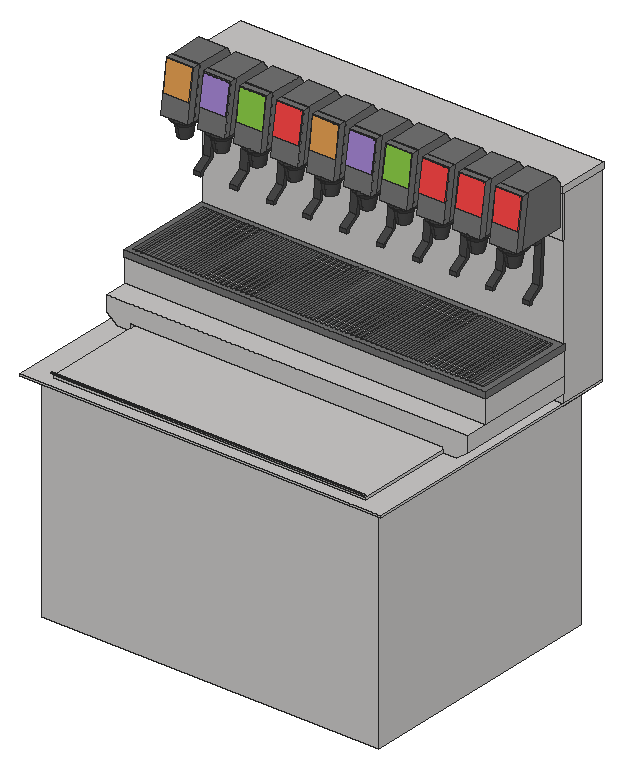
Revit family "QF_LANCER_ICD 23300", category Specialty Equipment, Revit 2012 (continued)
Nested families (in)
  nested 4: "ICD 2200" at (6.27642, -4.125, 31.25), type "ICD 2200"
    with Logo QF_Finishes_Pantone
  nested 5: "ICD 2200" at (12.35528, -4.125, 31.25), type "ICD 2200"
    with Logo QF_Finishes_Orange
  nested 6: "ICD 2200" at (15.39472, -4.125, 31.25), type "ICD 2200"
    with Logo QF_Finishes_Violet
  nested 7: "ICD 2200" at (9.31585, -4.125, 31.25), type "ICD 2200"
    with Logo QF_Finishes_Red
  nested 8: "ICD 2200" at (21.47358, -4.125, 31.25), type "ICD 2200"
    with Logo QF_Finishes_Red
  nested 9: "ICD 2200" at (27.55244, -4.125, 31.25), type "ICD 2200"
    with Logo QF_Finishes_Red
  nested 10: "ICD 2200" at (24.51301, -4.125, 31.25), type "ICD 2200"
    with Logo QF_Finishes_Red
Connectors (in)
  electrical at (15, -1, 2.16687), driven by "Volts", driven by "Watts"
    settings: on Extrusion 12, index 1, voltage 115 V, apparent load 0 VA, apparent load phase1 0 VA, apparent load phase2 0 VA, apparent load phase3 0 VA, power factor 1, load classification "Other", number of poles 1, system type 30, power factor state 1, is connector primary yes, connector utility no, sub classification motor no, connector description "ELECTRICAL CONNECTION"
  piping at (15, -1, 4.66687)
    settings: on Extrusion 12, index 2, connector radius 0.188", flow factor 0, pipe flow 0 GPM, pressure drop 0.00 psi, fitting loss kfactor 0, connector angle 0.00°, fixture units 0, engagement length 0.000", flow configuration 1, flow direction 1, fitting loss method 0, system type 7, joint type 0, gender type 0, connector reference index -1, connector utility 0, adjustable connector no, is connector primary yes, fitting loss table "", connector description "WATER INLET"
  piping at (15, -8.04747, 20.125)
    settings: on Extrusion 5, index 3, connector radius 3/8", flow factor 0, pipe flow 0 GPM, pressure drop 0.00 psi, fitting loss kfactor 0, connector angle 0.00°, fixture units 0, engagement length 0.000", flow configuration 1, flow direction 2, fitting loss method 0, system type 16, joint type 0, gender type 0, connector reference index -1, connector utility 0, adjustable connector no, is connector primary no, fitting loss table "", connector description "DRAIN"
Definition of nested family "ICD 2200"
  Parameters (values of type "ICD 2200")
    URL = ""
    Model = ""
    Manufacturer = ""
    Logo [instance] = QF_Finishes_Yellow Green
    Description = ""
  Reference planes (in)
    plane 1 "BACK": y = 0
    plane 2: z = 0
    plane 3 "LEFT": x = 0
    plane 4 "RIGHT": x = 2.25
    plane 5 "FRONT": y = -4.5
    plane 6 "TOP": z = 4
    plane 7 "Center Y": x = 1.125
    plane 8 "Center X": y = -2.25
  Forms (in)
    Extrusion 1, solid, material "QF_Finishes_White", not visible
      sketch origin (17.41924, -33.25075, -0.22915) x (1, 0, 0) y (0, 0.81211, 0.583505)
        loop
          line (-12.49146, 21.46818) -> (-12.55278, 21.29971) -> (-12.47904, 21.22597) -> (-12.90854, 20.17785)
          arc (-12.90854, 20.17785) -> (-12.93709, 20.14286) -> (-12.9803, 20.1297) r 0.07755
          line (-12.9803, 20.1297) -> (-13.05646, 20.1297) -> (-13.13865, 19.91561) -> (-12.13809, 19.91561) -> (-11.92261, 20.47696) -> (-12.14847, 20.47696) -> (-12.21933, 20.29236)
          arc (-12.21933, 20.29236) -> (-12.31241, 20.17429) -> (-12.456, 20.1297) r 0.2535
          line (-12.456, 20.1297) -> (-12.60114, 20.1297) -> (-12.18376, 21.21702) -> (-12.0461, 21.26713) -> (-11.97292, 21.46818) -> (-12.49146, 21.46818)
        loop
          line (-11.54232, 19.91561) -> (-11.46202, 20.12855) -> (-11.57594, 20.12855) -> (-11.30823, 20.52545) -> (-11.04405, 20.52545) -> (-11.04405, 20.2135)
          arc (-11.04405, 20.2135) -> (-11.06927, 20.15262) -> (-11.13015, 20.12741) r 0.0861
          line (-11.13015, 20.12741) -> (-11.19695, 20.12741) -> (-11.2537, 19.91561) -> (-10.36841, 19.91561) -> (-10.31318, 20.12171)
          arc (-10.31318, 20.12171) -> (-10.37318, 20.13487) -> (-10.38582, 20.19498) r 0.05658
          line (-10.38582, 20.19498) -> (-10.09293, 20.95801) -> (-9.9005, 19.74306) -> (-9.34655, 21.18615)
          arc (-9.34655, 21.18615) -> (-9.29661, 21.24346) -> (-9.22148, 21.25508) r 0.11077
          line (-9.22148, 21.25508) -> (-9.14608, 21.45152) -> (-9.60274, 21.45152) -> (-9.67356, 21.26702) -> (-9.57006, 21.22729) -> (-9.77199, 20.70125) -> (-9.89082, 21.45152) -> (-10.22973, 21.45152) -> (-10.29457, 21.26241) -> (-10.22202, 21.22702) -> (-10.59904, 20.19115)
          arc (-10.59904, 20.19115) -> (-10.71712, 20.12435) -> (-10.80157, 20.23052) r 0.10444
          line (-10.80157, 20.23052) -> (-10.75093, 21.68059) -> (-11.77573, 20.19742)
          arc (-11.77573, 20.19742) -> (-11.85733, 20.13425) -> (-11.96042, 20.1297) r 0.17054
          line (-11.96042, 20.1297) -> (-12.0426, 19.91561) -> (-11.54232, 19.91561)
        loop
          line (-11.04405, 20.91083) -> (-11.222, 20.65329) -> (-11.04405, 20.65329) -> (-11.04405, 20.91083)
        loop
          arc (-9.18015, 20.40589) -> (-9.07337, 20.72827) -> (-8.937, 21.03929) r 3.63979
          arc (-8.937, 21.03929) -> (-8.86883, 21.14859) -> (-8.78072, 21.24255) r 0.65953
          arc (-8.78072, 21.24255) -> (-8.68809, 21.26405) -> (-8.61885, 21.19886) r 0.10072
          arc (-8.61885, 21.19886) -> (-8.59832, 21.07023) -> (-8.62072, 20.9419) r 0.39524
          line (-8.62072, 20.9419) -> (-8.40563, 20.9419) -> (-8.22094, 21.42303) -> (-8.42275, 21.42303) -> (-8.45878, 21.34576) -> (-8.56823, 21.4376)
          arc (-8.56823, 21.4376) -> (-8.6876, 21.47254) -> (-8.8102, 21.45152) r 0.27607
          arc (-8.8102, 21.45152) -> (-9.04794, 21.29194) -> (-9.20752, 21.0542) r 0.74182
          arc (-9.20752, 21.0542) -> (-9.30662, 20.7938) -> (-9.38815, 20.52738) r 4.18034
          arc (-9.38815, 20.52738) -> (-9.40237, 20.26092) -> (-9.30651, 20.01188) r 0.63895
          arc (-9.30651, 20.01188) -> (-9.18043, 19.91422) -> (-9.02096, 19.91561) r 0.2433
          arc (-9.02096, 19.91561) -> (-8.7441, 20.13998) -> (-8.57273, 20.45242) r 0.92405
          line (-8.57273, 20.45242) -> (-8.80347, 20.45242)
          arc (-8.80347, 20.45242) -> (-8.88972, 20.28311) -> (-9.01469, 20.13997) r 0.77263
          arc (-9.01469, 20.13997) -> (-9.08916, 20.11854) -> (-9.15228, 20.1635) r 0.08915
          arc (-9.15228, 20.1635) -> (-9.19, 20.28196) -> (-9.18015, 20.40589) r 0.3227
        loop
          line (-8.69269, 19.91561) -> (-7.70991, 19.91561) -> (-7.51401, 20.45382) -> (-7.75005, 20.45382) -> (-7.82475, 20.25923)
          arc (-7.82475, 20.25923) -> (-7.90736, 20.15444) -> (-8.03479, 20.11487) r 0.22499
          line (-8.03479, 20.11487) -> (-8.21264, 20.11487) -> (-8.01483, 20.61054)
          arc (-8.01483, 20.61054) -> (-7.95476, 20.57048) -> (-7.94525, 20.49891) r 0.08749
          line (-7.94525, 20.49891) -> (-7.72846, 20.49891) -> (-7.55557, 20.91825) -> (-7.78011, 20.91825)
          arc (-7.78011, 20.91825) -> (-7.83352, 20.8279) -> (-7.9364, 20.80707) r 0.12912
          line (-7.9364, 20.80707) -> (-7.75991, 21.2493) -> (-7.45081, 21.2493) -> (-7.56269, 20.9419) -> (-7.33637, 20.9419) -> (-7.14806, 21.45927) -> (-8.07174, 21.45927) -> (-8.14847, 21.25936)
          arc (-8.14847, 21.25936) -> (-8.09258, 21.23618) -> (-8.05325, 21.19018) r 0.12985
          line (-8.05325, 21.19018) -> (-8.46319, 20.19593)
          arc (-8.46319, 20.19593) -> (-8.52431, 20.13079) -> (-8.61326, 20.12255) r 0.12596
          line (-8.61326, 20.12255) -> (-8.69269, 19.91561)
        loop
          line (-7.63008, 19.91561) -> (-7.05899, 19.91561) -> (-7.00621, 20.11256) -> (-7.15288, 20.11256) -> (-6.96676, 20.59743) -> (-6.89564, 20.59743) -> (-6.79981, 19.91561) -> (-6.53221, 19.91561) -> (-6.45269, 20.11487) -> (-6.59506, 20.11487) -> (-6.65431, 20.59743)
          arc (-6.65431, 20.59743) -> (-6.35483, 20.80574) -> (-6.27239, 21.16111) r 0.50761
          arc (-6.27239, 21.16111) -> (-6.38815, 21.37431) -> (-6.61538, 21.45927) r 0.34636
          line (-6.61538, 21.45927) -> (-7.01264, 21.45927) -> (-7.10659, 21.23141) -> (-6.98734, 21.23141) -> (-7.40058, 20.19593)
          arc (-7.40058, 20.19593) -> (-7.4617, 20.13079) -> (-7.55064, 20.12255) r 0.12596
          line (-7.55064, 20.12255) -> (-7.63008, 19.91561)
        loop
          line (-6.71653, 21.2493) -> (-6.88347, 20.81441) -> (-6.69099, 20.81441)
          spline (-6.69099, 20.81441) -> (-6.65199, 20.8279) -> (-6.61544, 20.85289) -> (-6.58342, 20.88798) -> (-6.55772, 20.93118) -> (-6.5398, 20.98005) -> (-6.53066, 21.03185) -> (-6.53082, 21.08365) -> (-6.54028, 21.13253) -> (-6.55849, 21.17573) -> (-6.58444, 21.21081) -> (-6.61666, 21.23581) -> (-6.65332, 21.2493)
          line (-6.65332, 21.2493) -> (-6.71653, 21.2493)
      from 12.45543 to 12.60543
    Sweep 2, solid, material "QF_Finishes_Glossy Black"
      path origin (1.125, 23.23102, -16.38239) x (0, 1, 0) y (0, 0, 1)
        loop
          line (-25.17141, 11.19276) -> (-25.17141, 11.38707) -> (-24.13511, 12.08606) -> (-23.75923, 16.38239) -> (-24.19012, 16.38239)
      profile origin (1.125, -1.94038, -5.09248) x (0, -1, 0) y (1, 0, 0)
        loop
          line (0, -0.30218) -> (0.1753, -0.30218) -> (0.1753, 0.29782) -> (0, 0.29782) -> (0, -0.30218)
    Extrusion 3, solid, material "QF_Finishes_Glossy Black"
      sketch origin (-2.20896, 21.71453, -16.95483) x (1, 0, 0) y (0, 0, 1)
        loop
          line (2.85718, 16.08678) -> (3.81074, 16.08678) -> (3.81074, 16.95483) -> (2.85718, 16.95483) -> (2.85718, 16.08678)
      from 22.93266 to 23.42166
    Revolve 4, solid, material "QF_Finishes_Glossy Black"
      sketch origin (1.125, 22.8302, -16.95483) x (0, 1, 0) y (0, 0, 1)
        loop
          line (-26.25174, 15.3282) -> (-25.75174, 15.3282) -> (-25.5781, 16.31301) -> (-25.16744, 16.72366) -> (-25.16744, 16.95483) -> (-26.25174, 16.95483) -> (-26.25174, 15.3282)
        axis (-26.25174, 15.3282) -> (-26.25174, 16.95483)
      angle from 0 to 360
    Extrusion 5, solid, material "QF_Finishes_Dark Grey"
      sketch origin (0, 0, 0) x (0, 1, 0) y (0, 0, 1)
        loop
          line (-4.5, 0) -> (-3.99385, 0) -> (-3.36449, 4) -> (-3.87064, 4) -> (-4.5, 0)
        loop
          line (-0.5, 4) -> (-3.30072, 4) -> (-3.93007, 0) -> (0, 0) -> (0, 3.28593) -> (-0.5, 4)
      from 0 to 2.25
    Extrusion 6, solid, material "QF_Finishes_Yellow Green" <- "Logo"
      sketch origin (0, -3.87064, 4) x (0, -0.155427, -0.987847) y (1, 0, 0)
        loop
          line (0.05, 2.2) -> (0.05, 0.05) -> (2.50448, 0.05) -> (2.50448, 2.2) -> (0.05, 2.2)
      from 0 to 0.03
  Dimensions and locks (in)
    equal spacing: plane 3 "LEFT", plane 7 "Center Y", plane 4 "RIGHT"
    plane 3 "LEFT" to plane 4 "RIGHT" = 2.250"
    equal spacing: plane 5 "FRONT", plane 8 "Center X", plane 1 "BACK"
    plane 5 "FRONT" to plane 1 "BACK" = 4.500"
    plane 6 "TOP" to level = 4.000"
    aligned and locked: level to plane 2
  Automatic sketch dimensions
    Extrusion 1 sketch curve to Extrusion 1 sketch curve = 0.08218"  (x2)
    Extrusion 1 sketch curve to Extrusion 1 sketch curve = 0.07617"
    Extrusion 1 sketch curve to Extrusion 1 sketch curve = 0.07176"
    Extrusion 1 sketch curve to Extrusion 1 sketch curve = 0.30739"
    Extrusion 1 sketch curve to Extrusion 1 sketch curve = 0.06132"
    Extrusion 1 sketch curve to Extrusion 1 sketch curve = 0.07374"  (x2)
    Extrusion 1 sketch curve to Extrusion 1 sketch curve = 0.14515"
    Extrusion 1 sketch curve to Extrusion 1 sketch curve = 0.23667"
    Extrusion 1 sketch curve to Extrusion 1 sketch curve = 0.29528"
    Extrusion 1 sketch curve to Extrusion 1 sketch curve = 0.07086"
    Extrusion 1 sketch curve to Extrusion 1 sketch curve = 0.31791"
    Extrusion 1 sketch curve to Extrusion 1 sketch curve = 0.13767"
    Extrusion 1 sketch curve to Extrusion 1 sketch curve = 0.09549"
    Extrusion 1 sketch curve to Extrusion 1 sketch curve = 0.07318"
    Extrusion 1 sketch curve to Extrusion 1 sketch curve = 0.22586"
    Extrusion 1 sketch curve to Extrusion 1 sketch curve = 0.04439"
    Extrusion 1 sketch curve to Extrusion 1 sketch curve = 0.1403"
    Extrusion 1 sketch curve to Extrusion 1 sketch curve = 0.19979"
    Extrusion 1 sketch curve to Extrusion 1 sketch curve = 0.03362"
    Extrusion 1 sketch curve to Extrusion 1 sketch curve = 0.11393"
    Extrusion 1 sketch curve to Extrusion 1 sketch curve = 0.15379"
    Extrusion 1 sketch curve to Extrusion 1 sketch curve = 0.28862"
    Extrusion 1 sketch curve to Extrusion 1 sketch curve = 0.08623"
    Extrusion 1 sketch curve to Extrusion 1 sketch curve = 0.05675"
    Extrusion 1 sketch curve to Extrusion 1 sketch curve = 0.0668"
    Extrusion 1 sketch curve to Extrusion 1 sketch curve = 0.17795"
    Extrusion 1 sketch curve to Extrusion 1 sketch curve = 0.000"  (x18)
    Extrusion 1 sketch curve to Extrusion 1 sketch curve = 0.21322"
    Extrusion 1 sketch curve to Extrusion 1 sketch curve = 0.05282"
    Extrusion 1 sketch curve to Extrusion 1 sketch curve = 0.01982"
    Extrusion 1 sketch curve to Extrusion 1 sketch curve = 0.06484"
    Extrusion 1 sketch curve to Extrusion 1 sketch curve = 0.07255"
    Extrusion 1 sketch curve to Extrusion 1 sketch curve = 0.12909"
    Extrusion 1 sketch curve to Extrusion 1 sketch curve = 0.07643"
    Extrusion 1 sketch curve to Extrusion 1 sketch curve = 0.10341"
    Extrusion 1 sketch curve to Extrusion 1 sketch curve = 0.02165"
    Extrusion 1 sketch curve to Extrusion 1 sketch curve = 0.03562"
    Extrusion 1 sketch curve to Extrusion 1 sketch curve = 0.20801"
    Extrusion 1 sketch curve to Extrusion 1 sketch curve = 0.15423"
    Extrusion 1 sketch curve to Extrusion 1 sketch curve = 0.07541"
    Extrusion 1 sketch curve to Extrusion 1 sketch curve = 0.04958"
    Extrusion 1 sketch curve to Extrusion 1 sketch curve = 0.02857"
    Extrusion 1 sketch curve to Extrusion 1 sketch curve = 0.08174"
    Extrusion 1 sketch curve to Extrusion 1 sketch curve = 0.08801"
    Extrusion 1 sketch curve to Extrusion 1 sketch curve = 0.21398"
    Extrusion 1 sketch curve to Extrusion 1 sketch curve = 0.05654"
    Extrusion 1 sketch curve to Extrusion 1 sketch curve = 0.14527"
    Extrusion 1 sketch curve to Extrusion 1 sketch curve = 0.33588"
    Extrusion 1 sketch curve to Extrusion 1 sketch curve = 0.06594"
    Extrusion 1 sketch curve to Extrusion 1 sketch curve = 0.02948"
    Extrusion 1 sketch curve to Extrusion 1 sketch curve = 0.03219"
    Extrusion 1 sketch curve to Extrusion 1 sketch curve = 0.06639"
    Extrusion 1 sketch curve to Extrusion 1 sketch curve = 0.01087"
    Extrusion 1 sketch curve to Extrusion 1 sketch curve = 0.32826"
    Extrusion 1 sketch curve to Extrusion 1 sketch curve = 0.09361"
    Extrusion 1 sketch curve to Extrusion 1 sketch curve = 0.08461"
    Extrusion 1 sketch curve to Extrusion 1 sketch curve = 0.07944"  (x2)
    Extrusion 1 sketch curve to Extrusion 1 sketch curve = 0.03361"  (x2)
    Extrusion 1 sketch curve to Extrusion 1 sketch curve = 0.00691"
    Extrusion 1 sketch curve to Extrusion 1 sketch curve = 0.24197"
    Extrusion 1 sketch curve to Extrusion 1 sketch curve = 0.09733"
    Extrusion 1 sketch curve to Extrusion 1 sketch curve = 0.11645"  (x2)
    Extrusion 1 sketch curve to Extrusion 1 sketch curve = 0.10945"
    Extrusion 1 sketch curve to Extrusion 1 sketch curve = 0.03603"
    Extrusion 1 sketch curve to Extrusion 1 sketch curve = 0.11776"
    Extrusion 1 sketch curve to Extrusion 1 sketch curve = 0.1774"
    Extrusion 1 sketch curve to Extrusion 1 sketch curve = 0.2018"
    Extrusion 1 sketch curve to Extrusion 1 sketch curve = 0.25056"
    Extrusion 1 sketch curve to Extrusion 1 sketch curve = 0.05204"
    Extrusion 1 sketch curve to Extrusion 1 sketch curve = 0.02043"
    Extrusion 1 sketch curve to Extrusion 1 sketch curve = 0.1492"
    Extrusion 1 sketch curve to Extrusion 1 sketch curve = 0.09522"
    Extrusion 1 sketch curve to Extrusion 1 sketch curve = 0.17785"
    Extrusion 1 sketch curve to Extrusion 1 sketch curve = 0.00579"
    Extrusion 1 sketch curve to Extrusion 1 sketch curve = 0.01418"
    Extrusion 1 sketch curve to Extrusion 1 sketch curve = 0.08376"
    Extrusion 1 sketch curve to Extrusion 1 sketch curve = 0.02802"
    Extrusion 1 sketch curve to Extrusion 1 sketch curve = 0.07982"
    Extrusion 1 sketch curve to Extrusion 1 sketch curve = 0.00713"
    Extrusion 1 sketch curve to Extrusion 1 sketch curve = 0.00302"
    Extrusion 1 sketch curve to Extrusion 1 sketch curve = 0.2192"
    Extrusion 1 sketch curve to Extrusion 1 sketch curve = 0.2477"
    Extrusion 1 sketch curve to Extrusion 1 sketch curve = 0.30275"
    Extrusion 1 sketch curve to Extrusion 1 sketch curve = 0.04148"
    Extrusion 1 sketch curve to Extrusion 1 sketch curve = 0.0939"
    Extrusion 1 sketch curve to Extrusion 1 sketch curve = 0.13542"
    Extrusion 1 sketch curve to Extrusion 1 sketch curve = 0.14667"
    Extrusion 1 sketch curve to Extrusion 1 sketch curve = 0.11924"
    Extrusion 1 sketch curve to Extrusion 1 sketch curve = 0.03945"
    Extrusion 1 sketch curve to Extrusion 1 sketch curve = 0.07113"
    Extrusion 1 sketch curve to Extrusion 1 sketch curve = 0.01217"
    Extrusion 1 sketch curve to Extrusion 1 sketch curve = 0.25918"
    Extrusion 1 sketch curve to Extrusion 1 sketch curve = 0.21228"
    Extrusion 1 sketch curve to Extrusion 1 sketch curve = 0.05853"
    Extrusion 1 sketch curve to Extrusion 1 sketch curve = 0.07948"
    Extrusion 1 sketch curve to Extrusion 1 sketch curve = 0.19248"
    Extrusion 1 sketch curve to Extrusion 1 sketch curve = 0.03668"
    Extrusion 1 sketch curve to Extrusion 1 sketch curve = 0.06321"
    Extrusion 1 sketch curve to Extrusion 1 sketch curve = 0.03794"
    Extrusion 1 sketch curve to Extrusion 1 sketch curve = 0.20476"
    Extrusion 1 sketch curve to Extrusion 1 sketch curve = 0.06285"
    Extrusion 1 sketch curve to Extrusion 1 sketch curve = 0.14237"
    Extrusion 1 sketch curve to Extrusion 1 sketch curve = 0.34298"
    Extrusion 1 sketch curve to Extrusion 1 sketch curve = 0.32306"
    Extrusion 1 sketch curve to Extrusion 1 sketch curve = 0.01407"
    Extrusion 1 sketch curve to Extrusion 1 sketch curve = 0.31918"
    Extrusion 1 sketch curve to Extrusion 1 sketch curve = 0.49173"
    Extrusion 1 sketch curve to Extrusion 1 sketch curve = 0.17255"
    Extrusion 1 sketch curve to Extrusion 1 sketch curve = 0.19695"
    Extrusion 1 sketch curve to Extrusion 1 sketch curve = 0.19926"  (x2)
    Extrusion 1 sketch curve to Extrusion 1 sketch curve = 0.2061"
    Extrusion 1 sketch curve to Extrusion 1 sketch curve = 0.20694"  (x2)
    Extrusion 1 sketch curve to Extrusion 1 sketch curve = 0.2118"
    Extrusion 1 sketch curve to Extrusion 1 sketch curve = 0.21294"
    Extrusion 1 sketch curve to Extrusion 1 sketch curve = 0.21409"  (x3)
    Extrusion 1 sketch curve to Extrusion 1 sketch curve = 0.0048"
    Extrusion 1 sketch curve to Extrusion 1 sketch curve = 0.053"
    Extrusion 1 sketch curve to Extrusion 1 sketch curve = 0.04815"
    Extrusion 1 sketch curve to Extrusion 1 sketch curve = 0.00383"
    Extrusion 1 sketch curve to Extrusion 1 sketch curve = 0.07338"  (x2)
    Extrusion 1 sketch curve to Extrusion 1 sketch curve = 0.06772"
    Extrusion 1 sketch curve to Extrusion 1 sketch curve = 0.03572"
    Extrusion 1 sketch curve to Extrusion 1 sketch curve = 0.14436"
    Extrusion 1 sketch curve to Extrusion 1 sketch curve = 0.16266"
    Extrusion 1 sketch curve to Extrusion 1 sketch curve = 0.20988"
    Extrusion 1 sketch curve to Extrusion 1 sketch curve = 0.18259"
    Extrusion 1 sketch curve to Extrusion 1 sketch curve = 0.04509"
    Extrusion 1 sketch curve to Extrusion 1 sketch curve = 0.02529"
    Extrusion 1 sketch curve to Extrusion 1 sketch curve = 0.31195"
    Extrusion 1 sketch curve to Extrusion 1 sketch curve = 0.48256"
    Extrusion 1 sketch curve to Extrusion 1 sketch curve = 0.12784"
    Extrusion 1 sketch curve to Extrusion 1 sketch curve = 0.01456"
    Extrusion 1 sketch curve to Extrusion 1 sketch curve = 0.19653"
    Extrusion 1 sketch curve to Extrusion 1 sketch curve = 0.21698"
    Extrusion 1 sketch curve to Extrusion 1 sketch curve = 0.25754"
    Extrusion 1 sketch curve to Extrusion 1 sketch curve = 0.11118"
    Extrusion 1 sketch curve to Extrusion 1 sketch curve = 0.02366"
    Extrusion 1 sketch curve to Extrusion 1 sketch curve = 0.25676"
    Extrusion 1 sketch curve to Extrusion 1 sketch curve = 0.21744"
    Extrusion 1 sketch curve to Extrusion 1 sketch curve = 0.05862"
    Extrusion 1 sketch curve to Extrusion 1 sketch curve = 0.18923"
    Extrusion 1 sketch curve to Extrusion 1 sketch curve = 0.09225"
    Extrusion 1 sketch curve to Extrusion 1 sketch curve = 0.0397"
    Extrusion 1 sketch curve to Extrusion 1 sketch curve = 0.05905"
    Extrusion 1 sketch curve to Extrusion 1 sketch curve = 0.74007"
    Extrusion 1 sketch curve to Extrusion 1 sketch curve = 0.00895"
    Extrusion 1 sketch curve to Extrusion 1 sketch curve = 0.26901"
    Extrusion 1 sketch curve to Extrusion 1 sketch curve = 0.04115"
    Extrusion 1 sketch curve to Extrusion 1 sketch curve = 0.22786"
    Extrusion 1 sketch curve to Extrusion 1 sketch curve = 0.05911"
    Extrusion 1 sketch curve to Extrusion 1 sketch curve = 0.03539"
    Extrusion 1 sketch curve to Extrusion 1 sketch curve = 0.05011"
    Extrusion 1 sketch curve to Extrusion 1 sketch curve = 0.09184"
    Extrusion 1 sketch curve to Extrusion 1 sketch curve = 0.07727"
    Extrusion 1 sketch curve to Extrusion 1 sketch curve = 0.18911"
    Extrusion 1 sketch curve to Extrusion 1 sketch curve = 0.03623"
    Extrusion 1 sketch curve to Extrusion 1 sketch curve = 0.16847"
    Extrusion 1 sketch curve to Extrusion 1 sketch curve = 0.22907"
    Extrusion 1 sketch curve to Extrusion 1 sketch curve = 0.07843"
    Extrusion 1 sketch curve to Extrusion 1 sketch curve = 0.21004"
    Extrusion 1 sketch curve to Extrusion 1 sketch curve = 0.12826"
    Extrusion 1 sketch curve to Extrusion 1 sketch curve = 0.29334"
    Extrusion 1 sketch curve to Extrusion 1 sketch curve = 0.1952"
    Extrusion 1 sketch curve to Extrusion 1 sketch curve = 0.02159"
    Extrusion 1 sketch curve to Extrusion 1 sketch curve = 0.11484"
    Extrusion 1 sketch curve to Extrusion 1 sketch curve = 0.21741"
    Extrusion 1 sketch curve to Extrusion 1 sketch curve = 0.3091"
    Extrusion 1 sketch curve to Extrusion 1 sketch curve = 0.85688"
    Extrusion 1 sketch curve to Extrusion 1 sketch curve = 0.32094"
    Extrusion 1 sketch curve to Extrusion 1 sketch curve = 0.41269"
    Extrusion 1 sketch curve to Extrusion 1 sketch curve = 0.05522"
    Extrusion 1 sketch curve to Extrusion 1 sketch curve = 0.09815"
    Extrusion 1 sketch curve to Extrusion 1 sketch curve = 0.5212"
    Extrusion 1 sketch curve to Extrusion 1 sketch curve = 0.10438"
    Extrusion 1 sketch curve to Extrusion 1 sketch curve = 0.24248"
    Extrusion 1 sketch curve to Extrusion 1 sketch curve = 0.05031"
    Extrusion 1 sketch curve to Extrusion 1 sketch curve = 0.29312"
    Extrusion 1 sketch curve to Extrusion 1 sketch curve = 0.33891"
    Extrusion 1 sketch curve to Extrusion 1 sketch curve = 0.21726"
    Extrusion 1 sketch curve to Extrusion 1 sketch curve = 0.07082"
    Extrusion 1 sketch curve to Extrusion 1 sketch curve = 0.1035"
    Extrusion 1 sketch curve to Extrusion 1 sketch curve = 0.24215"
    Extrusion 1 sketch curve to Extrusion 1 sketch curve = 0.06525"
    Extrusion 1 sketch curve to Extrusion 1 sketch curve = 0.22351"
    Extrusion 1 sketch curve to Extrusion 1 sketch curve = 0.12636"
    Sweep 2 sketch curve to plane 6 "TOP" = 8.99532"
    Sweep 2 sketch curve to plane 5 "FRONT" = 2.55962"
    Sweep 2 sketch curve to Sweep 2 sketch curve = 0.98129"
    Sweep 2 sketch curve to plane 6 "TOP" = 8.29633"
    Sweep 2 sketch curve to Sweep 2 sketch curve = 1.0363"
    Sweep 2 sketch curve to Sweep 2 sketch curve = 0.43089"
    Sweep 2 sketch curve to Sweep 2 sketch curve = 0.19431"
    Sweep 2 sketch curve to Sweep 2 sketch curve = 4.29633"
    Sweep 2 sketch curve to profile plane = 0.000"
    Sweep 2 sketch curve to Sweep 2 sketch curve = 0.1753"
    Sweep 2 sketch curve to profile plane = 0.30218"
    Sweep 2 sketch curve to Sweep 2 sketch curve = 0.600"
    Extrusion 3 sketch curve to plane 4 "RIGHT" = 1.60178"
    Extrusion 3 sketch curve to Extrusion 3 sketch curve = 0.95356"
    Extrusion 3 sketch curve to plane 6 "TOP" = 4.86805"
    Extrusion 3 sketch curve to Extrusion 3 sketch curve = 0.86805"
    Revolve 4 sketch curve to plane 5 "FRONT" = 1.07845"
    Revolve 4 sketch curve to Revolve 4 sketch curve = 0.000"  (x2)
    Revolve 4 sketch curve to Revolve 4 sketch curve = 0.500"
    Revolve 4 sketch curve to Revolve 4 sketch curve = 0.67365"
    Revolve 4 sketch curve to Revolve 4 sketch curve = 0.41065"  (x2)
    Revolve 4 sketch curve to plane 6 "TOP" = 5.62663"
    Revolve 4 sketch curve to Revolve 4 sketch curve = 0.98481"
    Revolve 4 sketch curve to Revolve 4 sketch curve = 0.23117"
    Revolve 4 sketch curve to Revolve 4 sketch curve = 0.43522"
    Extrusion 5 sketch curve to plane 5 "FRONT" = 0.000"
    Extrusion 5 sketch curve to plane 6 "TOP" = 0.000"  (x2)
    Extrusion 5 sketch curve to plane 1 "BACK" = 0.000"
    Extrusion 5 sketch curve to plane 5 "FRONT" = 0.62936"
    Extrusion 5 sketch curve to plane 6 "TOP" = 0.71407"
    plane 1 "BACK" to Extrusion 5 sketch curve = 0.500"
    Extrusion 5 sketch curve to plane 5 "FRONT" = 0.50615"
    Extrusion 5 sketch curve to Extrusion 5 sketch curve = 0.50615"
    Extrusion 5 sketch curve to Extrusion 5 sketch curve = 0.06378"  (x2)
    Extrusion 5 sketch curve to level = 0.000"  (x2)
    Extrusion 5 to Extrusion 6 sketch curve = 0.050"  (x2)
    Extrusion 6 sketch curve to Extrusion 5 = 0.050"
    Extrusion 6 sketch curve to Extrusion 5 = 1.54473"
